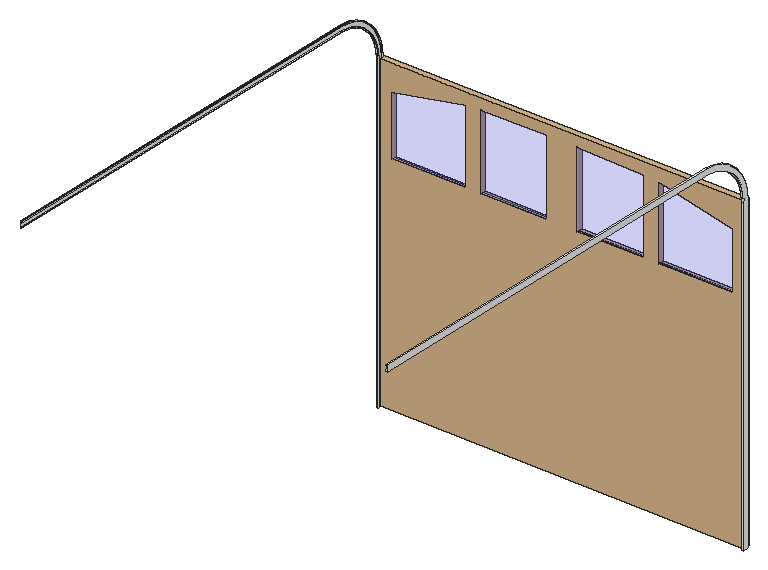
Revit family
Parameters (values of type "7Ft H x 8Ft W")
  Track Width = Width + 0' 2"  # 8' - 2"
  Track Height = Height + 1' 0"  # 8' - 0"
  Track Depth = 10' - 0"
  Track = Metal
  SmartBIM Object Version = 1  # constant formula
  SmartBIM Object Created By = "Reed Construction Data"  # constant formula
  Rough Width = 0' - 0"
  Rough Height = 0' - 0"
  Panel Thickness = 0' - 1 1/2"
  Manufacturer = ""
  Height = 7' - 0"
  Wall Closure = (empty or 0)
  Width = 8' - 0"
  Door Glass = Glass
  Door = Wood
  95 CSI = "08360"  # constant formula
  04 CSI = "08 36 13"  # constant formula
Types (3): name | Track Width | Width
  (no name) | 8' - 2" | 8' - 0"
  7Ft H x 8Ft W | 8' - 2" | 8' - 0"
  7Ft H x 16Ft W | 16' - 2" | 16' - 0"
Reference planes (in)
  plane 1 "Center (Front/Back)": y = 0
  plane 2 "Center (Left/Right)": x = 0
  plane 3 "Left": x = -48
  plane 4 "Right": x = 48
  plane 5 "Top": z = 84
  plane 6: x = -49
  plane 7: x = 49
  plane 8: y = -3.25
  plane 9: z = 60.75
  plane 10: z = 39.16667
  plane 11: z = 81
  plane 12: y = -2.5
  plane 13: y = -2.5
  plane 14 "Ext": y = -3.25
  plane 15: y = -2.5
  plane 16 "Int": y = -1.75
  plane 17: z = 77
  plane 18: x = 46
  plane 19: x = -46
  plane 20: x = 4
  plane 21: x = 26
  plane 22: z = 73
  plane 23: x = -4
  plane 24: x = -26
  plane 25: z = 58.75
  plane 26: z = 40.16667
  plane 27: z = 38.16667
  plane 28: z = 1
  plane 29: y = -3
  plane 30: z = 19.58333
  plane 31: z = 20.58333
  plane 32: z = 18.58333
  plane 33: z = 58.25
  plane 34: x = 26.5
  plane 35: x = 45.5
  plane 36: x = 4.5
  plane 37: x = 22
  plane 38: x = -4.5
  plane 39: x = -22
  plane 40: x = -26
  plane 41: x = -46
Forms (in)
  Extrusion 1, solid, material "Wood" <- "Door"
    sketch origin (0, 0, 0) x (1, 0, 0) y (0, 0, 1)
      loop
        line (-49, 84) -> (-49, 0) -> (49, 0) -> (49, 84) -> (-49, 84)
      loop
        line (46, 60.75) -> (46, 76.19243)
        arc (46, 76.19243) -> (36.08789, 78.76636) -> (26, 80.52979) r 126.45566
        line (26, 80.52979) -> (26, 60.75) -> (46, 60.75)
      loop
        arc (22, 80.7282) -> (13.00949, 81.31534) -> (4, 81.25947) r 126.1868
        line (4, 81.25947) -> (4, 60.75) -> (22, 60.75) -> (22, 80.7282)
      loop
        line (-22, 81.17053) -> (-22, 60.75) -> (-4, 60.75) -> (-4, 81.29293)
        arc (-4, 81.29293) -> (-13.00218, 81.55263) -> (-22, 81.17053) r 126.37208
      loop
        line (-46, 60.75) -> (-26, 60.75) -> (-26, 80.79351)
        arc (-26, 80.79351) -> (-36.07785, 79.26819) -> (-46, 76.93565) r 126.37208
        line (-46, 76.93565) -> (-46, 60.75)
    from 1.75 to 3.25
  Extrusion 2, solid, material "Glass" <- "Door Glass"
    sketch origin (0, -12.25, 0) x (1, 0, 0) y (0, 0, 1)
      loop
        arc (46, 76.19243) -> (36.08789, 78.76636) -> (26, 80.52979) r 126.45566
        line (26, 80.52979) -> (26, 60.75) -> (46, 60.75) -> (46, 76.19243)
      loop
        arc (22, 80.7282) -> (13.00949, 81.31534) -> (4, 81.25947) r 126.1868
        line (4, 81.25947) -> (4, 60.75) -> (22, 60.75) -> (22, 80.7282)
      loop
        arc (-4, 81.29293) -> (-13.00218, 81.55263) -> (-22, 81.17053) r 126.37208
        line (-22, 81.17053) -> (-22, 60.75) -> (-4, 60.75) -> (-4, 81.29293)
      loop
        arc (-26, 80.79351) -> (-36.07785, 79.26819) -> (-46, 76.93565) r 126.37208
        line (-46, 76.93565) -> (-46, 60.75) -> (-26, 60.75) -> (-26, 80.79351)
    from -9.75 to -9.25
Lines and regions (in)
  Opening 1
    outline origin (-90, -1.75, 0) x (1, 0, 0) y (0, 0, 1)
      loop
        line (42, 0) -> (138, 0) -> (138, 84) -> (42, 84) -> (42, 0)
  model lines
    curve 1: line (22.5, -1.75, 80.7282) -> (22.5, -1.75, 60.75)
    curve 2: line (-22.5, -1.75, 60.75) -> (-22.5, -1.75, 80.86093)
    curve 3: line (45.5, -1.75, 58.25) -> (26.5, -1.75, 58.25)
    curve 4: line (45.5, -1.75, 40.16667) -> (45.5, -1.75, 58.25)
    curve 5: line (26.5, -1.75, 40.16667) -> (45.5, -1.75, 40.16667)
    curve 6: line (26.5, -1.75, 58.25) -> (26.5, -1.75, 40.16667)
    curve 7: line (22, -1.75, 40.16667) -> (4.5, -1.75, 40.16667)
    curve 8: line (22, -1.75, 58.25) -> (22, -1.75, 40.16667)
    curve 9: line (4.5, -1.75, 58.25) -> (22, -1.75, 58.25)
    curve 10: line (4.5, -1.75, 40.16667) -> (4.5, -1.75, 58.25)
    curve 11: line (22, -1.75, 38.16667) -> (4.5, -1.75, 38.16667)
    curve 12: line (22, -1.75, 20.58333) -> (22, -1.75, 38.16667)
    curve 13: line (4.5, -1.75, 20.58333) -> (22, -1.75, 20.58333)
    curve 14: line (4.5, -1.75, 38.16667) -> (4.5, -1.75, 20.58333)
    curve 15: line (45.5, -1.75, 38.16667) -> (26.5, -1.75, 38.16667)
    curve 16: line (45.5, -1.75, 20.58333) -> (45.5, -1.75, 38.16667)
    curve 17: line (26.5, -1.75, 20.58333) -> (45.5, -1.75, 20.58333)
    curve 18: line (26.5, -1.75, 38.16667) -> (26.5, -1.75, 20.58333)
    curve 19: line (-4.5, -1.75, 20.58333) -> (-22, -1.75, 20.58333)
    curve 20: line (-4.5, -1.75, 38.16667) -> (-4.5, -1.75, 20.58333)
    curve 21: line (-22, -1.75, 38.16667) -> (-4.5, -1.75, 38.16667)
    curve 22: line (-22, -1.75, 20.58333) -> (-22, -1.75, 38.16667)
    curve 23: line (-26, -1.75, 58.25) -> (-46, -1.75, 58.25)
    curve 24: line (-26, -1.75, 40.16667) -> (-26, -1.75, 58.25)
    curve 25: line (-46, -1.75, 40.16667) -> (-26, -1.75, 40.16667)
    curve 26: line (-46, -1.75, 58.25) -> (-46, -1.75, 40.16667)
    curve 27: line (-26, -1.75, 20.58333) -> (-46, -1.75, 20.58333)
    curve 28: line (-26, -1.75, 38.16667) -> (-26, -1.75, 20.58333)
    curve 29: line (-46, -1.75, 38.16667) -> (-26, -1.75, 38.16667)
    curve 30: line (-46, -1.75, 20.58333) -> (-46, -1.75, 38.16667)
    curve 31: line (-26, -1.75, 1) -> (-46, -1.75, 1)
    curve 32: line (-26, -1.75, 18.58333) -> (-26, -1.75, 1)
    curve 33: line (-46, -1.75, 18.58333) -> (-26, -1.75, 18.58333)
    curve 34: line (-46, -1.75, 1) -> (-46, -1.75, 18.58333)
    curve 35: line (-22, -1.75, 1) -> (-4.5, -1.75, 1)
    curve 36: line (-22, -1.75, 18.58333) -> (-22, -1.75, 1)
    curve 37: line (-4.5, -1.75, 18.58333) -> (-22, -1.75, 18.58333)
    curve 38: line (-4.5, -1.75, 1) -> (-4.5, -1.75, 18.58333)
    curve 39: line (22, -1.75, 1) -> (4.5, -1.75, 1)
    curve 40: line (22, -1.75, 18.58333) -> (22, -1.75, 1)
    curve 41: line (4.5, -1.75, 18.58333) -> (22, -1.75, 18.58333)
    curve 42: line (4.5, -1.75, 1) -> (4.5, -1.75, 18.58333)
    curve 43: line (26.5, -1.75, 1) -> (45.5, -1.75, 1)
    curve 44: line (26.5, -1.75, 18.58333) -> (26.5, -1.75, 1)
    curve 45: line (45.5, -1.75, 18.58333) -> (26.5, -1.75, 18.58333)
    curve 46: line (45.5, -1.75, 1) -> (45.5, -1.75, 18.58333)
    curve 47: line (-4.5, -1.75, 40.16667) -> (-22, -1.75, 40.16667)
    curve 48: line (-4.5, -1.75, 58.25) -> (-4.5, -1.75, 40.16667)
    curve 49: line (-22, -1.75, 58.25) -> (-4.5, -1.75, 58.25)
    curve 50: line (-22, -1.75, 40.16667) -> (-22, -1.75, 58.25)
    curve 51: line (45, -1.75, 57.75) -> (27, -1.75, 57.75)
    curve 52: line (27, -1.75, 57.75) -> (27, -1.75, 40.66667)
    curve 53: line (27, -1.75, 40.66667) -> (45, -1.75, 40.66667)
    curve 54: line (45, -1.75, 40.66667) -> (45, -1.75, 57.75)
    curve 55: line (5, -1.75, 57.75) -> (21.5, -1.75, 57.75)
    curve 56: line (21.5, -1.75, 57.75) -> (21.5, -1.75, 40.66667)
    curve 57: line (21.5, -1.75, 40.66667) -> (5, -1.75, 40.66667)
    curve 58: line (5, -1.75, 40.66667) -> (5, -1.75, 57.75)
    curve 59: line (-21.5, -1.75, 57.75) -> (-5, -1.75, 57.75)
    curve 60: line (-5, -1.75, 57.75) -> (-5, -1.75, 40.66667)
    curve 61: line (-5, -1.75, 40.66667) -> (-21.5, -1.75, 40.66667)
    curve 62: line (-21.5, -1.75, 40.66667) -> (-21.5, -1.75, 57.75)
    curve 63: line (-26.5, -1.75, 57.75) -> (-45.5, -1.75, 57.75)
    curve 64: line (-45.5, -1.75, 57.75) -> (-45.5, -1.75, 40.66667)
    curve 65: line (-45.5, -1.75, 40.66667) -> (-26.5, -1.75, 40.66667)
    curve 66: line (-26.5, -1.75, 40.66667) -> (-26.5, -1.75, 57.75)
    curve 67: line (45, -1.75, 37.66667) -> (27, -1.75, 37.66667)
    curve 68: line (27, -1.75, 37.66667) -> (27, -1.75, 21.08333)
    curve 69: line (27, -1.75, 21.08333) -> (45, -1.75, 21.08333)
    curve 70: line (45, -1.75, 21.08333) -> (45, -1.75, 37.66667)
    curve 71: line (45, -1.75, 18.08333) -> (27, -1.75, 18.08333)
    curve 72: line (27, -1.75, 18.08333) -> (27, -1.75, 1.5)
    curve 73: line (27, -1.75, 1.5) -> (45, -1.75, 1.5)
    curve 74: line (45, -1.75, 1.5) -> (45, -1.75, 18.08333)
    curve 75: line (21.5, -1.75, 37.66667) -> (5, -1.75, 37.66667)
    curve 76: line (5, -1.75, 37.66667) -> (5, -1.75, 21.08333)
    curve 77: line (5, -1.75, 21.08333) -> (21.5, -1.75, 21.08333)
    curve 78: line (21.5, -1.75, 21.08333) -> (21.5, -1.75, 37.66667)
    curve 79: line (5, -1.75, 18.08333) -> (21.5, -1.75, 18.08333)
    curve 80: line (21.5, -1.75, 18.08333) -> (21.5, -1.75, 1.5)
    curve 81: line (21.5, -1.75, 1.5) -> (5, -1.75, 1.5)
    curve 82: line (5, -1.75, 1.5) -> (5, -1.75, 18.08333)
    curve 83: line (-21.5, -1.75, 37.66667) -> (-5, -1.75, 37.66667)
    curve 84: line (-5, -1.75, 37.66667) -> (-5, -1.75, 21.08333)
    curve 85: line (-5, -1.75, 21.08333) -> (-21.5, -1.75, 21.08333)
    curve 86: line (-21.5, -1.75, 21.08333) -> (-21.5, -1.75, 37.66667)
    curve 87: line (-5, -1.75, 18.08333) -> (-21.5, -1.75, 18.08333)
    curve 88: line (-21.5, -1.75, 18.08333) -> (-21.5, -1.75, 1.5)
    curve 89: line (-21.5, -1.75, 1.5) -> (-5, -1.75, 1.5)
    curve 90: line (-5, -1.75, 1.5) -> (-5, -1.75, 18.08333)
    curve 91: line (-45.5, -1.75, 37.66667) -> (-26.5, -1.75, 37.66667)
    curve 92: line (-26.5, -1.75, 37.66667) -> (-26.5, -1.75, 21.08333)
    curve 93: line (-26.5, -1.75, 21.08333) -> (-45.5, -1.75, 21.08333)
    curve 94: line (-45.5, -1.75, 21.08333) -> (-45.5, -1.75, 37.66667)
    curve 95: line (-45.5, -1.75, 18.08333) -> (-26.5, -1.75, 18.08333)
    curve 96: line (-26.5, -1.75, 18.08333) -> (-26.5, -1.75, 1.5)
    curve 97: line (-26.5, -1.75, 1.5) -> (-45.5, -1.75, 1.5)
    curve 98: line (-45.5, -1.75, 1.5) -> (-45.5, -1.75, 18.08333)
    curve 99: line (-26.5, -3.25, 57.75) -> (-45.5, -3.25, 57.75)
    curve 100: line (-45.5, -3.25, 57.75) -> (-45.5, -3.25, 40.66667)
    curve 101: line (-45.5, -3.25, 40.66667) -> (-26.5, -3.25, 40.66667)
    curve 102: line (-26.5, -3.25, 40.66667) -> (-26.5, -3.25, 57.75)
    curve 103: line (-26, -3.25, 58.25) -> (-46, -3.25, 58.25)
    curve 104: line (-46, -3.25, 58.25) -> (-46, -3.25, 40.16667)
    curve 105: line (-46, -3.25, 40.16667) -> (-26, -3.25, 40.16667)
    curve 106: line (-26, -3.25, 40.16667) -> (-26, -3.25, 58.25)
    curve 107: line (-21.5, -3.25, 57.75) -> (-5, -3.25, 57.75)
    curve 108: line (-5, -3.25, 57.75) -> (-5, -3.25, 40.66667)
    curve 109: line (-5, -3.25, 40.66667) -> (-21.5, -3.25, 40.66667)
    curve 110: line (-21.5, -3.25, 40.66667) -> (-21.5, -3.25, 57.75)
    curve 111: line (-22, -3.25, 58.25) -> (-4.5, -3.25, 58.25)
    curve 112: line (5, -3.25, 57.75) -> (21.5, -3.25, 57.75)
    curve 113: line (21.5, -3.25, 57.75) -> (21.5, -3.25, 40.66667)
    curve 114: line (21.5, -3.25, 40.66667) -> (5, -3.25, 40.66667)
    curve 115: line (5, -3.25, 40.66667) -> (5, -3.25, 57.75)
    curve 116: line (4.5, -3.25, 58.25) -> (22, -3.25, 58.25)
    curve 117: line (22, -3.25, 58.25) -> (22, -3.25, 40.16667)
    curve 118: line (22, -3.25, 40.16667) -> (4.5, -3.25, 40.16667)
    curve 119: line (4.5, -3.25, 40.16667) -> (4.5, -3.25, 58.25)
    curve 120: line (45, -3.25, 57.75) -> (27, -3.25, 57.75)
    curve 121: line (27, -3.25, 57.75) -> (27, -3.25, 40.66667)
    curve 122: line (27, -3.25, 40.66667) -> (45, -3.25, 40.66667)
    curve 123: line (45, -3.25, 40.66667) -> (45, -3.25, 57.75)
    curve 124: line (45.5, -3.25, 58.25) -> (26.5, -3.25, 58.25)
    curve 125: line (26.5, -3.25, 58.25) -> (26.5, -3.25, 40.16667)
    curve 126: line (26.5, -3.25, 40.16667) -> (45.5, -3.25, 40.16667)
    curve 127: line (45.5, -3.25, 40.16667) -> (45.5, -3.25, 58.25)
    curve 128: line (45, -3.25, 37.66667) -> (27, -3.25, 37.66667)
    curve 129: line (27, -3.25, 37.66667) -> (27, -3.25, 21.08333)
    curve 130: line (27, -3.25, 21.08333) -> (45, -3.25, 21.08333)
    curve 131: line (45, -3.25, 21.08333) -> (45, -3.25, 37.66667)
    curve 132: line (45.5, -3.25, 38.16667) -> (26.5, -3.25, 38.16667)
    curve 133: line (26.5, -3.25, 38.16667) -> (26.5, -3.25, 20.58333)
    curve 134: line (26.5, -3.25, 20.58333) -> (45.5, -3.25, 20.58333)
    curve 135: line (45.5, -3.25, 20.58333) -> (45.5, -3.25, 38.16667)
    curve 136: line (22, -3.25, 38.16667) -> (4.5, -3.25, 38.16667)
    curve 137: line (4.5, -3.25, 38.16667) -> (4.5, -3.25, 20.58333)
    curve 138: line (4.5, -3.25, 20.58333) -> (22, -3.25, 20.58333)
    curve 139: line (22, -3.25, 20.58333) -> (22, -3.25, 38.16667)
    curve 140: line (21.5, -3.25, 37.66667) -> (5, -3.25, 37.66667)
    curve 141: line (5, -3.25, 37.66667) -> (5, -3.25, 21.08333)
    curve 142: line (5, -3.25, 21.08333) -> (21.5, -3.25, 21.08333)
    curve 143: line (21.5, -3.25, 21.08333) -> (21.5, -3.25, 37.66667)
    curve 144: line (-21.5, -3.25, 37.66667) -> (-5, -3.25, 37.66667)
    curve 145: line (-5, -3.25, 37.66667) -> (-5, -3.25, 21.08333)
    curve 146: line (-5, -3.25, 21.08333) -> (-21.5, -3.25, 21.08333)
    curve 147: line (-21.5, -3.25, 21.08333) -> (-21.5, -3.25, 37.66667)
    curve 148: line (-22, -3.25, 38.16667) -> (-4.5, -3.25, 38.16667)
    curve 149: line (-4.5, -3.25, 38.16667) -> (-4.5, -3.25, 20.58333)
    curve 150: line (-4.5, -3.25, 20.58333) -> (-22, -3.25, 20.58333)
    curve 151: line (-22, -3.25, 20.58333) -> (-22, -3.25, 38.16667)
    curve 152: line (-45.5, -3.25, 37.66667) -> (-26.5, -3.25, 37.66667)
    curve 153: line (-26.5, -3.25, 37.66667) -> (-26.5, -3.25, 21.08333)
    curve 154: line (-26.5, -3.25, 21.08333) -> (-45.5, -3.25, 21.08333)
    curve 155: line (-45.5, -3.25, 21.08333) -> (-45.5, -3.25, 37.66667)
    curve 156: line (-46, -3.25, 38.16667) -> (-26, -3.25, 38.16667)
    curve 157: line (-26, -3.25, 38.16667) -> (-26, -3.25, 20.58333)
    curve 158: line (-26, -3.25, 20.58333) -> (-46, -3.25, 20.58333)
    curve 159: line (-46, -3.25, 20.58333) -> (-46, -3.25, 38.16667)
    curve 160: line (-22, -3.25, 40.16667) -> (-22, -3.25, 58.25)
    curve 161: line (-4.5, -3.25, 40.16667) -> (-22, -3.25, 40.16667)
    curve 162: line (-4.5, -3.25, 58.25) -> (-4.5, -3.25, 40.16667)
    curve 163: line (-45.5, -3.25, 18.08333) -> (-26.5, -3.25, 18.08333)
    curve 164: line (-26.5, -3.25, 18.08333) -> (-26.5, -3.25, 1.5)
    curve 165: line (-26.5, -3.25, 1.5) -> (-45.5, -3.25, 1.5)
    curve 166: line (-45.5, -3.25, 1.5) -> (-45.5, -3.25, 18.08333)
    curve 167: line (-46, -3.25, 18.58333) -> (-26, -3.25, 18.58333)
    curve 168: line (-26, -3.25, 18.58333) -> (-26, -3.25, 1)
    curve 169: line (-26, -3.25, 1) -> (-46, -3.25, 1)
    curve 170: line (-46, -3.25, 1) -> (-46, -3.25, 18.58333)
    curve 171: line (-5, -3.25, 18.08333) -> (-21.5, -3.25, 18.08333)
    curve 172: line (-21.5, -3.25, 18.08333) -> (-21.5, -3.25, 1.5)
    curve 173: line (-21.5, -3.25, 1.5) -> (-5, -3.25, 1.5)
    curve 174: line (-5, -3.25, 1.5) -> (-5, -3.25, 18.08333)
    curve 175: line (-4.5, -3.25, 18.58333) -> (-22, -3.25, 18.58333)
    curve 176: line (-22, -3.25, 18.58333) -> (-22, -3.25, 1)
    curve 177: line (-22, -3.25, 1) -> (-4.5, -3.25, 1)
    curve 178: line (-4.5, -3.25, 1) -> (-4.5, -3.25, 18.58333)
    curve 179: line (5, -3.25, 18.08333) -> (21.5, -3.25, 18.08333)
    curve 180: line (21.5, -3.25, 18.08333) -> (21.5, -3.25, 1.5)
    curve 181: line (21.5, -3.25, 1.5) -> (5, -3.25, 1.5)
    curve 182: line (5, -3.25, 1.5) -> (5, -3.25, 18.08333)
    curve 183: line (4.5, -3.25, 18.58333) -> (22, -3.25, 18.58333)
    curve 184: line (22, -3.25, 18.58333) -> (22, -3.25, 1)
    curve 185: line (22, -3.25, 1) -> (4.5, -3.25, 1)
    curve 186: line (4.5, -3.25, 1) -> (4.5, -3.25, 18.58333)
    curve 187: line (45, -3.25, 18.08333) -> (27, -3.25, 18.08333)
    curve 188: line (27, -3.25, 18.08333) -> (27, -3.25, 1.5)
    curve 189: line (27, -3.25, 1.5) -> (45, -3.25, 1.5)
    curve 190: line (45, -3.25, 1.5) -> (45, -3.25, 18.08333)
    curve 191: line (45.5, -3.25, 18.58333) -> (26.5, -3.25, 18.58333)
    curve 192: line (26.5, -3.25, 18.58333) -> (26.5, -3.25, 1)
    curve 193: line (26.5, -3.25, 1) -> (45.5, -3.25, 1)
    curve 194: line (45.5, -3.25, 1) -> (45.5, -3.25, 18.58333)
Text (in)
  text "Exterior" at (-74.96733, 27.31104, 0), in view "Ref. Level"
  text "Interior" at (-76.69036, -30.31274, 0), in view "Ref. Level"
  text "Exterior" at (0, 40.15149, 123.01588), in view "Right"
  text "Interior" at (0, -64.39139, 123.01588), in view "Right"
  text "Interior" at (0, -31.01599, 123.00693), in view "Left"
  text "Exterior" at (0, 54.57065, 123.00693), in view "Left"
Dimensions and locks (in)
  equal spacing: plane 3 "Left", plane 2 "Center (Left/Right)", plane 4 "Right"
  "Height": level to plane 5 "Top"
  "Width": plane 3 "Left" to plane 4 "Right"
  locked: plane 6 to plane 3 "Left" at 1
  locked: plane 4 "Right" to plane 7 at 1
  locked: plane 11 to plane 5 "Top" at 3
  host wall to plane 12 to plane 8 = 0' - 0 3/4", 0' - 0 3/4"
  equal spacing: plane 14 "Ext", plane 15, plane 16 "Int"
  "Panel Thickness": plane 16 "Int" to plane 14 "Ext"
  locked: plane 17 to plane 11 at 4
  locked: plane 18 to plane 4 "Right" at 2
  locked: plane 3 "Left" to plane 19 at 2
  locked: Extrusion 1 sketch curve to plane 11 at 0.47021
  locked: Extrusion 1 sketch curve to plane 21 at 4
  locked: plane 20 to plane 2 "Center (Left/Right)" at 4
  locked: plane 22 to plane 17 at 4
  locked: plane 2 "Center (Left/Right)" to plane 23 at 4
  locked: Extrusion 1 sketch curve to Extrusion 1 sketch curve at 2.70707
  locked: Extrusion 1 sketch curve to plane 24 at 4
  locked: plane 25 to plane 9 at 2
  locked: plane 9 to plane 11 at 20.25
  locked: plane 10 to plane 26 at 1
  locked: plane 27 to plane 10 at 1
  locked: plane 28 to level at 1
  locked: Extrusion 2 to Extrusion 2 at 0.5
  locked: plane 29 to plane 15 at 0.5
  locked: plane 30 to plane 31 at 1
  locked: plane 32 to plane 30 at 1
  equal spacing: level, plane 30, plane 10, plane 25
  equal spacing: plane 20, plane 21, plane 4 "Right"
  equal spacing: plane 23, plane 24, plane 3 "Left"
  plane 40 to Extrusion 1 = 0' - 0"
  locked: plane 23 to plane 38 at 0.5
  locked: plane 20 to plane 36 at 0.5
  Extrusion 1 to plane 37 = 0' - 0"
  locked: plane 21 to plane 34 at 0.5
  locked: plane 35 to plane 18 at 0.5
  Extrusion 1 to plane 39 = 0' - 0"
  locked: plane 41 to curve 98 at 0.5
  locked: plane 28 to curve 97 at 0.5
  locked: plane 40 to curve 96 at 0.5
  locked: plane 39 to curve 88 at 0.5
  locked: curve 90 to plane 38 at 0.5
  locked: plane 36 to curve 82 at 0.5
  locked: plane 28 to curve 89 at 0.5
  locked: curve 95 to plane 32 at 0.5
  locked: curve 87 to plane 32 at 0.5
  locked: curve 79 to plane 32 at 0.5
  locked: plane 28 to curve 81 at 0.5
  locked: curve 71 to plane 32 at 0.5
  locked: plane 28 to curve 73 at 0.5
  locked: curve 74 to plane 35 at 0.5
  locked: plane 37 to curve 80 at 0.5
  locked: plane 37 to curve 78 at 0.5
  locked: plane 34 to curve 68 at 0.5
  locked: curve 70 to plane 35 at 0.5
  locked: curve 54 to plane 35 at 0.5
  locked: curve 51 to plane 33 at 0.5
  locked: curve 55 to plane 33 at 0.5
  locked: curve 59 to plane 33 at 0.5
  locked: curve 63 to plane 33 at 0.5
  locked: plane 41 to curve 64 at 0.5
  locked: plane 40 to curve 66 at 0.5
  locked: plane 39 to curve 62 at 0.5
  locked: curve 60 to plane 38 at 0.5
  locked: plane 36 to curve 58 at 0.5
  locked: plane 37 to curve 56 at 0.5
  locked: plane 34 to curve 52 at 0.5
  locked: plane 36 to curve 76 at 0.5
  locked: Extrusion 1 sketch curve to Extrusion 1 sketch curve at 2.74053
  locked: Extrusion 1 sketch curve to Extrusion 1 sketch curve at 3.20649
  locked: plane 37 to plane 21 at 4
  locked: plane 24 to plane 39 at 4
  aligned and locked: plane 3 "Left" to Opening 1 sketch curve
  aligned and locked: plane 5 "Top" to Opening 1 sketch curve  (x2)
  aligned and locked: Opening 1 sketch curve to plane 4 "Right"
  aligned and locked: Opening 1 sketch curve to level
  aligned and locked: Extrusion 1 sketch curve to plane 6
  aligned and locked: Extrusion 1 sketch curve to plane 7
  aligned and locked: Extrusion 1 sketch curve to level
  aligned and locked: Extrusion 1 sketch curve to host wall
  aligned and locked: plane 12 to plane 13
  aligned and locked: host wall to plane 16 "Int"
  aligned and locked: plane 13 to plane 15
  aligned and locked: plane 14 "Ext" to Extrusion 1
  aligned and locked: Extrusion 1 to host wall
  aligned and locked: plane 9 to Extrusion 1 sketch curve  (x4)
  aligned and locked: Extrusion 1 sketch curve to plane 18
  aligned and locked: plane 21 to Extrusion 1 sketch curve
  aligned and locked: Extrusion 1 sketch curve to plane 20
  aligned and locked: plane 23 to Extrusion 1 sketch curve
  aligned and locked: Extrusion 1 sketch curve to plane 19
  aligned and locked: plane 24 to Extrusion 1 sketch curve
  aligned and locked: Extrusion 2 to plane 29
  aligned and locked: Extrusion 1 sketch curve to Extrusion 1 sketch curve
  aligned and locked: Extrusion 2 sketch curve to Extrusion 1  (x16)
  aligned and locked: plane 35 to curve 3
  aligned and locked: plane 33 to curve 3
  aligned and locked: plane 26 to curve 6
  aligned and locked: plane 34 to curve 6
  aligned and locked: plane 37 to curve 7
  aligned and locked: plane 26 to curve 7
  aligned and locked: plane 33 to curve 10
  aligned and locked: curve 10 to plane 36
  aligned and locked: plane 37 to curve 11
  aligned and locked: plane 27 to curve 11
  aligned and locked: plane 31 to curve 14
  aligned and locked: plane 36 to curve 14
  aligned and locked: plane 35 to curve 15
  aligned and locked: plane 27 to curve 15
  aligned and locked: plane 31 to curve 18
  aligned and locked: plane 34 to curve 18
  aligned and locked: plane 38 to curve 19
  aligned and locked: plane 31 to curve 19
  aligned and locked: plane 27 to curve 22
  aligned and locked: curve 22 to plane 39
  aligned and locked: plane 40 to curve 23
  aligned and locked: plane 33 to curve 23
  aligned and locked: plane 26 to curve 26
  aligned and locked: plane 41 to curve 26
  aligned and locked: plane 40 to curve 27
  aligned and locked: plane 31 to curve 27
  aligned and locked: plane 27 to curve 30
  aligned and locked: curve 30 to plane 41
  aligned and locked: plane 40 to curve 31
  aligned and locked: plane 28 to curve 31
  aligned and locked: curve 34 to plane 41
  aligned and locked: plane 39 to curve 35
  aligned and locked: curve 35 to plane 28
  aligned and locked: plane 32 to curve 38
  aligned and locked: curve 38 to plane 38
  aligned and locked: plane 37 to curve 39
  aligned and locked: plane 28 to curve 39
  aligned and locked: plane 32 to curve 42
  aligned and locked: curve 42 to plane 36
  aligned and locked: plane 34 to curve 43
  aligned and locked: plane 32 to curve 46
  aligned and locked: curve 46 to plane 35
  aligned and locked: plane 38 to curve 47
  aligned and locked: plane 26 to curve 47
  aligned and locked: plane 33 to curve 50
  aligned and locked: curve 50 to plane 39
  aligned and locked: plane 20 to Extrusion 1
  aligned and locked: plane 23 to Extrusion 1
  aligned and locked: plane 24 to Extrusion 1
  aligned and locked: plane 21 to Extrusion 1
  aligned and locked: plane 37 to Extrusion 1
  aligned and locked: plane 39 to Extrusion 1
  aligned and locked: plane 24 to plane 40
  aligned and locked: plane 41 to plane 19
  aligned and locked: curve 99 to curve 63
  aligned and locked: curve 100 to curve 64
  aligned and locked: curve 101 to curve 65
  aligned and locked: curve 102 to curve 66
  aligned and locked: curve 103 to curve 23
  aligned and locked: curve 104 to curve 26
  aligned and locked: curve 105 to curve 25
  aligned and locked: curve 106 to curve 24
  aligned and locked: curve 107 to curve 59
  aligned and locked: curve 108 to curve 60
  aligned and locked: curve 109 to curve 61
  aligned and locked: curve 110 to curve 62
  aligned and locked: curve 111 to curve 49
  aligned and locked: curve 112 to curve 55
  aligned and locked: curve 113 to curve 56
  aligned and locked: curve 114 to curve 57
  aligned and locked: curve 115 to curve 58
  aligned and locked: curve 116 to curve 9
  aligned and locked: curve 117 to curve 8
  aligned and locked: curve 118 to curve 7
  aligned and locked: curve 119 to curve 10
  aligned and locked: curve 120 to curve 51
  aligned and locked: curve 121 to curve 52
  aligned and locked: curve 122 to curve 53
  aligned and locked: curve 123 to curve 54
  aligned and locked: curve 124 to curve 3
  aligned and locked: curve 125 to curve 6
  aligned and locked: curve 126 to curve 5
  aligned and locked: curve 127 to curve 4
  aligned and locked: curve 128 to curve 67
  aligned and locked: curve 129 to curve 68
  aligned and locked: curve 130 to curve 69
  aligned and locked: curve 131 to curve 70
  aligned and locked: curve 132 to curve 15
  aligned and locked: curve 133 to curve 18
  aligned and locked: curve 134 to curve 17
  aligned and locked: curve 135 to curve 16
  aligned and locked: curve 136 to curve 11
  aligned and locked: curve 137 to curve 14
  aligned and locked: curve 138 to curve 13
  aligned and locked: curve 139 to curve 12
  aligned and locked: curve 140 to curve 75
  aligned and locked: curve 141 to curve 76
  aligned and locked: curve 142 to curve 77
  aligned and locked: curve 143 to curve 78
  aligned and locked: curve 144 to curve 83
  aligned and locked: curve 145 to curve 84
  aligned and locked: curve 146 to curve 85
  aligned and locked: curve 147 to curve 86
  aligned and locked: curve 148 to curve 21
  aligned and locked: curve 149 to curve 20
  aligned and locked: curve 150 to curve 19
  aligned and locked: curve 151 to curve 22
  aligned and locked: curve 152 to curve 91
  aligned and locked: curve 153 to curve 92
  aligned and locked: curve 154 to curve 93
  aligned and locked: curve 155 to curve 94
  aligned and locked: curve 156 to curve 29
  aligned and locked: curve 157 to curve 28
  aligned and locked: curve 158 to curve 27
  aligned and locked: curve 159 to curve 30
  aligned and locked: curve 160 to curve 50
  aligned and locked: curve 161 to curve 47
  aligned and locked: curve 162 to curve 48
  aligned and locked: curve 163 to curve 95
  aligned and locked: curve 164 to curve 96
  aligned and locked: curve 165 to curve 97
  aligned and locked: curve 166 to curve 98
  aligned and locked: curve 167 to curve 33
  aligned and locked: curve 168 to curve 32
  aligned and locked: curve 169 to curve 31
  aligned and locked: curve 170 to curve 34
  aligned and locked: curve 171 to curve 87
  aligned and locked: curve 172 to curve 88
  aligned and locked: curve 173 to curve 89
  aligned and locked: curve 174 to curve 90
  aligned and locked: curve 175 to curve 37
  aligned and locked: curve 176 to curve 36
  aligned and locked: curve 177 to curve 35
  aligned and locked: curve 178 to curve 38
  aligned and locked: curve 179 to curve 79
  aligned and locked: curve 180 to curve 80
  aligned and locked: curve 181 to curve 81
  aligned and locked: curve 182 to curve 82
  aligned and locked: curve 183 to curve 41
  aligned and locked: curve 184 to curve 40
  aligned and locked: curve 185 to curve 39
  aligned and locked: curve 186 to curve 42
  aligned and locked: curve 187 to curve 71
  aligned and locked: curve 188 to curve 72
  aligned and locked: curve 189 to curve 73
  aligned and locked: curve 190 to curve 74
  aligned and locked: curve 191 to curve 45
  aligned and locked: curve 192 to curve 44
  aligned and locked: curve 193 to curve 43
  aligned and locked: curve 194 to curve 46
  aligned and locked: nested 1 to plane 2 "Center (Left/Right)"
  aligned and locked: nested 1 to plane 14 "Ext"
Automatic sketch dimensions
  Extrusion 1 sketch curve to Extrusion 1 sketch curve = 0' - 0"  (x3)
  Extrusion 1 sketch curve to plane 17 = 0' - 0.06435"
  Extrusion 1 sketch curve to plane 11 = 0' - 0.2718"
  curve 2 to plane 9 = 0' - 0"
  curve 1 to plane 9 = 0' - 0"
  curve 44 to plane 28 = 0' - 0"
  curve 34 to plane 32 = 0' - 0"
  curve 94 to plane 41 = 0' - 0 1/2"
  curve 91 to plane 40 = 0' - 0 1/2"
  plane 39 to curve 2 = 0' - 0 1/2"
  curve 86 to plane 39 = 0' - 0 1/2"
  plane 38 to curve 83 = 0' - 0 1/2"
  plane 37 to curve 1 = 0' - 0 1/2"
  curve 73 to plane 34 = 0' - 0 1/2"
  plane 31 to curve 84 = 0' - 0 1/2"
  plane 31 to curve 77 = 0' - 0 1/2"
  plane 31 to curve 93 = 0' - 0 1/2"
  plane 31 to curve 68 = 0' - 0 1/2"
  curve 78 to plane 27 = 0' - 0 1/2"
  curve 92 to plane 27 = 0' - 0 1/2"
  curve 70 to plane 27 = 0' - 0 1/2"
  curve 86 to plane 27 = 0' - 0 1/2"
  plane 26 to curve 53 = 0' - 0 1/2"
  plane 26 to curve 66 = 0' - 0 1/2"
  plane 26 to curve 56 = 0' - 0 1/2"
  plane 26 to curve 62 = 0' - 0 1/2"
  curve 1 to plane 11 = 0' - 0.2718"
  curve 2 to plane 11 = 0' - 0.13907"
Nested families (in)
  nested 1: "Door Track" at (-0.5, -64, 0), Width <- "Track Width", Height <- "Track Height", Depth <- "Track Depth", type "Door Track"
    with Width 8' - 2", Height 8' - 0", Depth 10' - 0"
Definition of nested family "Door Track"
  Parameters
    Width [instance] = 10' - 0"
    Track = Metal
    Height [instance] = 11' - 0"
    Depth [instance] = 8' - 0"
  Reference planes (in)
    plane 1 "Center (Front/Back)": y = 0
    plane 2: z = 0
    plane 3 "Center (Left/Right)": x = 0.5
    plane 4 "Back": y = 48
    plane 5 "Front": y = -48
    plane 6 "Left": x = -59.5
    plane 7 "Right": x = 60.5
    plane 8 "Top": z = 132
    plane 9 "Center (Up/Down)": z = 66
    plane 10: y = 48.75
    plane 11: y = 49.5
  Forms (in)
    Sweep 1, solid, material "Metal" <- "Track"
      path origin (60.5, 60, 48) x (0, 1, 0) y (0, 0, 1)
        loop
          line (-12, -48) -> (-12, 72)
          arc (-12, 72) -> (-15.51472, 80.48528) -> (-24, 84) r 12
          line (-24, 84) -> (-108, 84)
      profile origin (60.5, -6, 132) x (0, 0, -1) y (1, 0, 0)
        loop
          line (-1.5, 0) -> (-1.375, 0) -> (-1.375, 0.375) -> (-0.125, 0.375) -> (-0.125, 0) -> (0, 0) -> (0, 0.5) -> (-1.5, 0.5) -> (-1.5, 0)
    Sweep 2, solid, material "Metal" <- "Track"
      path origin (-59.5, 60, 48) x (0, 1, 0) y (0, 0, 1)
        loop
          line (-12, -48) -> (-12, 72)
          arc (-12, 72) -> (-15.51472, 80.48528) -> (-24, 84) r 12
          line (-24, 84) -> (-108, 84)
      profile origin (-59.5, -6, 132) x (0, 0, -1) y (1, 0, 0)
        loop
          line (-1.5, 0) -> (-1.5, -0.5) -> (0, -0.5) -> (0, 0) -> (-0.125, 0) -> (-0.125, -0.375) -> (-1.375, -0.375) -> (-1.375, 0) -> (-1.5, 0)
  Dimensions and locks (in)
    equal spacing: plane 6 "Left", plane 3 "Center (Left/Right)", plane 7 "Right"
    "Width": plane 6 "Left" to plane 7 "Right"
    equal spacing: plane 4 "Back", plane 1 "Center (Front/Back)", plane 5 "Front"
    "Depth": plane 4 "Back" to plane 5 "Front"
    "Height": plane 8 "Top" to plane 2
    equal spacing: plane 8 "Top", plane 9 "Center (Up/Down)", level
    locked: Sweep 2 sketch curve to Sweep 2 sketch curve at 0.125  (x3)
    locked: Sweep 2 sketch curve to Sweep 2 sketch curve at 0.5  (x2)
    locked: Sweep 2 sketch curve to Sweep 2 sketch curve at 1.5
    locked: Sweep 1 sketch curve to Sweep 1 sketch curve at 0.5  (x2)
    locked: Sweep 1 sketch curve to Sweep 1 sketch curve at 0.125  (x3)
    locked: Sweep 1 sketch curve to Sweep 1 sketch curve at 1.5
    equal spacing: plane 4 "Back", plane 10, plane 11
    locked: plane 10 to plane 11 at 0.75
    radius of Sweep 1 sketch curve = 1' - 0"
    radius of Sweep 2 sketch curve = 1' - 0"
    aligned and locked: plane 8 "Top" to Sweep 1 sketch curve  (x2)
    aligned and locked: plane 5 "Front" to Sweep 1 sketch curve
    aligned and locked: plane 4 "Back" to Sweep 1 sketch curve
    aligned and locked: plane 4 "Back" to Sweep 2 sketch curve
    aligned and locked: plane 5 "Front" to Sweep 2 sketch curve
    aligned and locked: level to Sweep 2 sketch curve
    aligned and locked: Sweep 2 sketch curve to profile plane  (x2)
    aligned and locked: Sweep 1 sketch curve to profile plane
    aligned and locked: plane 11 to Sweep 1
  Automatic sketch dimensions
    Sweep 1 sketch curve to level = 0' - 0"
    Sweep 2 sketch curve to plane 8 "Top" = 0' - 0"
